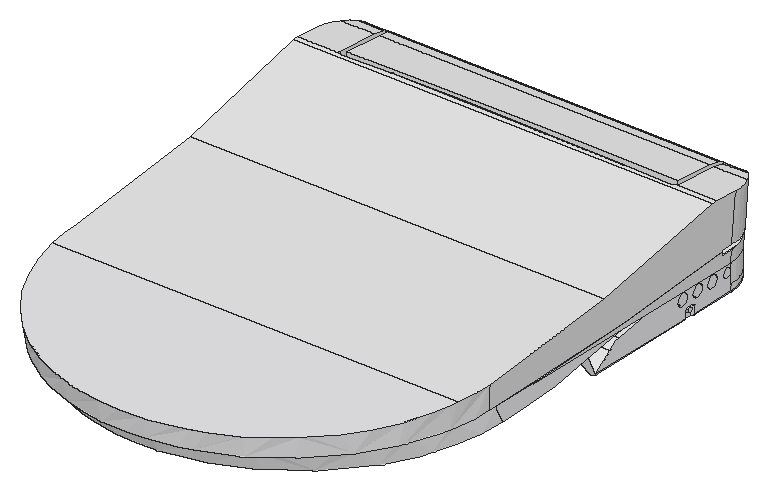
Revit family "Toilet_Seat-Elongated_Closed_Front-Cleansing-KOHLER-Purewash-K-28820K", category Plumbing Fixtures, host Face, Revit 2021 (continued)
Definition of nested family "K-28820K"
  Lines and regions (in)
    symbolic lines, detail levels medium+fine
      curve 185: arc (0, -13.52205, 1.93142) -> (0, -9.57684, 2.11689) -> (0, -5.63442, 2.35433) r 299.69268
      curve 186: arc (0, -5.63442, 2.35433) -> (0, -3.96644, 2.44313) -> (0, -2.29667, 2.48668) r 61.60574
      curve 187: arc (0, -2.29667, 2.48668) -> (0, -1.51569, 2.41541) -> (0, -0.73733, 2.51115) r 3.68202
      curve 188: arc (0, -6.96153, 1.62123) -> (0, -5.31908, 2.02172) -> (0, -3.68462, 2.45366) r 88.10831
      curve 189: arc (0, -6.85664, 1.76042) -> (0, -5.37976, 2.06015) -> (0, -3.92271, 2.44485) r 26.0288
      curve 190: arc (0, -5.09167, 2.3882) -> (0, -6.44282, 2.11565) -> (0, -7.80571, 1.90965) r 28.11493
      curve 191: arc (0, -7.80571, 1.90965) -> (0, -11.43775, 1.56762) -> (0, -15.08414, 1.45572) r 57.7178
      curve 192: arc (0, -15.08414, 1.45572) -> (0, -17.08657, 1.44026) -> (0, -19.08845, 1.39014) r 115.70256
      curve 193: line (0, -15.73157, 1.22238) -> (0, -17.49027, 1.21135)
      curve 194: line (0, -15.87791, 1.1253) -> (0, -17.33245, 1.10601)
      curve 195: line (0, -10.74329, 1.2966) -> (0, -12.97962, 1.29426)
      curve 196: line (-7.4128, -3.65709, 0) -> (-7.45639, -6.15425, 0)
      curve 197: line (0, -5.29395, 0.84881) -> (0, -4.96736, 0.84881)
      curve 198: line (0, -4.94137, 0.8748) -> (0, -4.94137, 0.91732)
      curve 199: line (0, -5.32277, 0.87763) -> (0, -5.32277, 0.91732)
      curve 200: arc (0, -4.96736, 0.84881) -> (0, -4.94898, 0.85642) -> (0, -4.94137, 0.8748) r 0.02599
      curve 201: arc (0, -5.29395, 0.84881) -> (0, -5.31433, 0.85725) -> (0, -5.32277, 0.87763) r 0.02882
      curve 202: arc (6.62148, 0, 1.83956) -> (6.33623, 0, 1.77928) -> (6.04824, 0, 1.7338) r 5.64484
      curve 203: line (-1.02586, 0, 0.91732) -> (-1.02586, 0, 1.02814)
      curve 204: line (1.02586, 0, 0.91732) -> (1.02586, 0, 1.02814)
      curve 205: line (-7.47268, 0, 3.77612) -> (-7.47268, 0, 3.99081)
      curve 206: arc (-7.31333, 0, 1.97927) -> (-7.29087, 0, 1.89978) -> (-7.26172, 0, 1.82249) r 0.96754
      curve 207: arc (-7.23601, 0, 1.6956) -> (-7.28764, 0, 1.77429) -> (-7.31333, 0, 1.86482) r 0.31058
      curve 208: arc (-7.31333, 0, 2.04835) -> (-6.69764, 0, 1.81807) -> (-6.0457, 0, 1.73392) r 2.86996
      curve 209: arc (7.31333, 0, 1.88549) -> (7.2553, 0, 1.79061) -> (7.18154, 0, 1.70736) r 0.63206
      curve 210: arc (7.21401, 0, 1.67304) -> (7.27102, 0, 1.73929) -> (7.31333, 0, 1.81577) r 0.42666
      curve 211: arc (7.31333, 0, 2.0486) -> (6.9705, 0, 1.93382) -> (6.62148, 0, 1.83956) r 6.09695
      curve 212: arc (0, -12.87318, 2.0243) -> (0, -16.18207, 1.90966) -> (0, -19.49294, 1.90578) r 98.95125
      curve 213: arc (0, -19.44557, 1.83724) -> (0, -16.48324, 1.84806) -> (0, -13.52205, 1.93142) r 120.97272
      curve 214: line (0, -19.88843, 1.95124) -> (0, -19.47928, 1.95124)
      curve 215: arc (0, -19.47928, 1.95124) -> (0, -16.17641, 1.95543) -> (0, -12.87552, 2.06991) r 98.90558
      curve 216: line (0, -12.87552, 2.06991) -> (0, -4.65171, 2.49268)
      curve 217: line (0, -4.65171, 2.49268) -> (0, -2.38549, 2.57182)
      curve 218: line (0, -2.38549, 2.57182) -> (0, -0.9129, 2.72659)
      curve 219: line (0, -0.9129, 2.72659) -> (0, -0.40461, 2.8754)
      curve 220: line (0, -0.40461, 2.8754) -> (0, -0.047, 3.11661)
      curve 221: line (0, -20.24409, 2.69024) -> (0, -19.00268, 2.69024)
      curve 222: arc (0, -0.81043, 4.28008) -> (0, -1.58244, 4.3501) -> (0, -2.35581, 4.40307) r 35.15072
      curve 223: arc (0, -0.42427, 4.21487) -> (0, -0.61628, 4.25383) -> (0, -0.81043, 4.28008) r 2.97695
      curve 224: arc (0, -0.18283, 3.9304) -> (0, -0.25689, 4.11223) -> (0, -0.42427, 4.21487) r 0.31496
      curve 225: arc (0, -2.35581, 4.40307) -> (0, -2.40656, 4.40514) -> (0, -2.45736, 4.40552) r 1.52376
      curve 226: arc (0, -2.45736, 4.40552) -> (0, -2.50573, 4.40384) -> (0, -2.55396, 4.39973) r 0.95789
      curve 227: arc (0, -2.55396, 4.39973) -> (0, -4.94191, 3.82399) -> (0, -7.35997, 3.39183) r 41.13016
      curve 228: arc (0, -7.35997, 3.39183) -> (0, -11.25868, 2.94375) -> (0, -15.17829, 2.7503) r 60.27745
      curve 229: arc (0, -19.00268, 2.69024) -> (0, -17.09025, 2.70526) -> (0, -15.17829, 2.7503) r 121.79732
      curve 230: line (0, -0.07874, 2.44178) -> (0, -0.18283, 3.9304)
      curve 231: line (0, -0.07874, 1.38413) -> (0, -0.07874, 2.44178)
      curve 232: line (7.4128, -3.65709, 0) -> (7.45639, -6.15425, 0)
      curve 233: line (-7.45639, -6.15425, 0) -> (-7.45639, -12.69269, 0)
      curve 234: line (7.45639, -6.15425, 0) -> (7.45639, -12.69269, 0)
      curve 235: arc (-7.45639, -12.69269, 0) -> (0, -20.14908, 0) -> (7.45639, -12.69269, 0) r 7.45639
      curve 236: arc (-7.53128, -6.46885, 0) -> (-7.48422, -5.06284, 0) -> (-7.45217, -3.6564, 0) r 131.8491
      curve 237: arc (7.53171, -6.17971, 0) -> (7.48307, -4.91834, 0) -> (7.45217, -3.6564, 0) r 89.78835
      curve 238: line (-5.99606, -1.87246, 0) -> (-5.99606, -0.0018, 0)
      curve 239: line (5.99606, -1.87246, 0) -> (5.99606, -0.0018, 0)
  Dimensions and locks (in)
    locked: plane 17 to plane 16 at 7.88189
    plane 15 to plane 14 = 11.02362"
    locked: plane 18 to level at 4.48425
    locked: plane 18 to plane 19 at 3.56693
    plane 20 to plane 19 = 1.94094"
    locked: plane 21 to plane 19 at 1.43701
    plane 10 to plane 9 = 15.06299"
    plane 36 to plane 1 "Center (Front/Back)" = 20.24409"
    plane 9 to plane 10 = 15.06299"
    aligned and locked: plane 2 to level
    aligned and locked: plane 26 to Masking region 1
    aligned and locked: plane 29 to Masking region 2
    aligned and locked: Masking region 1 sketch curve to plane 36
    aligned and locked: plane 10 to Masking region 3 sketch curve
    aligned and locked: plane 9 to Masking region 3 sketch curve
    aligned and locked: Masking region 1 sketch curve to plane 9
    aligned and locked: Masking region 3 sketch curve to level
    aligned and locked: plane 18 to Masking region 2 sketch curve
    aligned and locked: Masking region 3 sketch curve to plane 18
